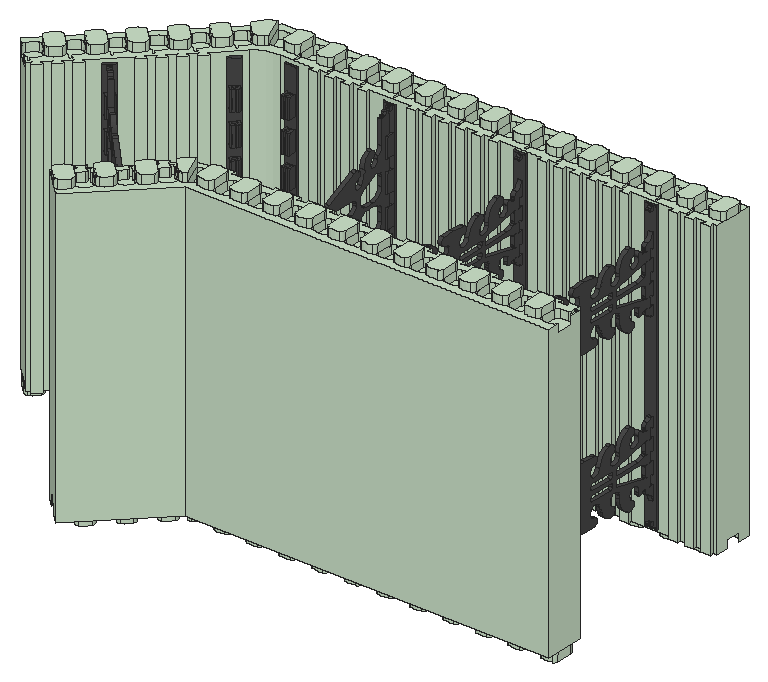
Revit family (continued)
Definition of nested family "10-inch Web"
  Forms (in)
    Extrusion 1, solid, material "Polypropylene"
      sketch origin (0, 0, -0.5) x (0, 1, 0) y (0, 0, 1)
        loop
          line (5.185, 0.73624) -> (5.185, 0.98503)
        loop
          line (-5.185, 0.98503) -> (-5.185, 0.73624)
          arc (-5.185, 0.73624) -> (-5.18086, 0.75145) -> (-5.16957, 0.76246) r 0.03
          line (-5.16957, 0.76246) -> (-5.00043, 0.85643)
          arc (-5.00043, 0.85643) -> (-4.98914, 0.86744) -> (-4.985, 0.88265) r 0.03
          line (-4.985, 0.88265) -> (-4.985, 0.95386)
          arc (-4.985, 0.95386) -> (-4.99126, 0.96839) -> (-5.00611, 0.97383) r 0.02
          line (-5.00611, 0.97383) -> (-5.16389, 0.96506)
          arc (-5.16389, 0.96506) -> (-5.17874, 0.9705) -> (-5.185, 0.98503) r 0.02
        loop
          line (4.959, 15.45384) -> (4.959, 15.95381) -> (4.854, 15.95381) -> (4.854, 16.02384) -> (5.0915, 16.02384)
          arc (5.0915, 16.02384) -> (5.1357, 16.00553) -> (5.154, 15.96134) r 0.0625
          line (5.154, 15.96134) -> (5.154, 16.86095)
          arc (5.154, 16.86095) -> (5.06225, 16.57227) -> (4.82067, 16.38954) r 0.5
          arc (4.82067, 16.38954) -> (4.69988, 16.29818) -> (4.654, 16.15384) r 0.25
          line (4.654, 16.15384) -> (4.654, 16.08634)
          arc (4.654, 16.08634) -> (4.67231, 16.04214) -> (4.7165, 16.02384) r 0.0625
          line (4.7165, 16.02384) -> (4.764, 16.02384) -> (4.764, 15.95381) -> (4.65846, 15.95381)
          arc (4.65846, 15.95381) -> (4.46242, 15.98802) -> (4.30133, 16.10487) r 0.44133
          arc (4.30133, 16.10487) -> (4.13092, 16.12201) -> (4.10336, 15.95298) r 0.125
          arc (4.10336, 15.95298) -> (3.6202, 15.47559) -> (3.56289, 16.15239) r 0.375
          arc (3.56289, 16.15239) -> (3.71165, 16.51474) -> (3.34931, 16.66349) r 0.27697
          arc (3.34931, 16.66349) -> (2.83672, 16.26582) -> (2.64033, 15.6475) r 1.09159
          line (2.64033, 15.6475) -> (2.64084, 15.48251)
          arc (2.64084, 15.48251) -> (2.06728, 15.19279) -> (2.07976, 15.83525) r 0.375
          arc (2.07976, 15.83525) -> (2.22851, 16.1976) -> (1.86617, 16.34635) r 0.27697
          arc (1.86617, 16.34635) -> (1.36679, 16.02099) -> (1.12993, 15.47406) r 1.0341
          arc (1.12993, 15.47406) -> (0.55637, 15.18434) -> (0.56885, 15.8268) r 0.375
          arc (0.56885, 15.8268) -> (0.65723, 15.85457) -> (0.74814, 15.87237) r 0.83414
          arc (0.74814, 15.87237) -> (0.91326, 16.103) -> (0.71383, 16.30469) r 0.22
          arc (0.71383, 16.30469) -> (0.35845, 16.35404) -> (0, 16.36944) r 3.77741
          arc (0, 16.36944) -> (-0.35845, 16.35404) -> (-0.71383, 16.30469) r 3.77741
          arc (-0.71383, 16.30469) -> (-0.91326, 16.103) -> (-0.74814, 15.87237) r 0.22
          arc (-0.74814, 15.87237) -> (-0.65723, 15.85457) -> (-0.56885, 15.8268) r 0.83414
          arc (-0.56885, 15.8268) -> (-0.55637, 15.18434) -> (-1.12993, 15.47406) r 0.375
          arc (-1.12993, 15.47406) -> (-1.36679, 16.02099) -> (-1.86617, 16.34635) r 1.0341
          arc (-1.86617, 16.34635) -> (-2.22851, 16.1976) -> (-2.07976, 15.83525) r 0.27697
          arc (-2.07976, 15.83525) -> (-2.06728, 15.19279) -> (-2.64084, 15.48251) r 0.375
          line (-2.64084, 15.48251) -> (-2.64033, 15.6475)
          arc (-2.64033, 15.6475) -> (-2.83672, 16.26582) -> (-3.34931, 16.66349) r 1.09159
          arc (-3.34931, 16.66349) -> (-3.71165, 16.51474) -> (-3.56289, 16.15239) r 0.27697
          arc (-3.56289, 16.15239) -> (-3.6202, 15.47559) -> (-4.10336, 15.95298) r 0.375
          arc (-4.10336, 15.95298) -> (-4.13092, 16.12201) -> (-4.30133, 16.10487) r 0.125
          arc (-4.30133, 16.10487) -> (-4.46242, 15.98802) -> (-4.65846, 15.95381) r 0.44133
          line (-4.65846, 15.95381) -> (-4.764, 15.95381) -> (-4.764, 16.02384) -> (-4.7165, 16.02384)
          arc (-4.7165, 16.02384) -> (-4.67231, 16.04214) -> (-4.654, 16.08634) r 0.0625
          line (-4.654, 16.08634) -> (-4.654, 16.15384)
          arc (-4.654, 16.15384) -> (-4.69988, 16.29818) -> (-4.82067, 16.38954) r 0.25
          arc (-4.82067, 16.38954) -> (-5.06225, 16.57227) -> (-5.154, 16.86095) r 0.5
          line (-5.154, 16.86095) -> (-5.154, 15.96134)
          arc (-5.154, 15.96134) -> (-5.1357, 16.00553) -> (-5.0915, 16.02384) r 0.0625
          line (-5.0915, 16.02384) -> (-4.854, 16.02384) -> (-4.854, 15.95381) -> (-4.959, 15.95381) -> (-4.959, 15.45384) -> (-4.854, 15.45384) -> (-4.854, 15.38384) -> (-5.1225, 15.38384)
          arc (-5.1225, 15.38384) -> (-5.16669, 15.40214) -> (-5.185, 15.44634) r 0.0625
          line (-5.185, 15.44634) -> (-5.185, 14.66134)
          arc (-5.185, 14.66134) -> (-5.16669, 14.70553) -> (-5.1225, 14.72384) r 0.0625
          line (-5.1225, 14.72384) -> (-4.854, 14.72384) -> (-4.854, 14.65384) -> (-4.959, 14.65384) -> (-4.959, 14.15384) -> (-4.854, 14.15384) -> (-4.854, 14.08384) -> (-5.1225, 14.08384)
          arc (-5.1225, 14.08384) -> (-5.16669, 14.10214) -> (-5.185, 14.14634) r 0.0625
          line (-5.185, 14.14634) -> (-5.185, 13.36134)
          arc (-5.185, 13.36134) -> (-5.16669, 13.40553) -> (-5.1225, 13.42384) r 0.0625
          line (-5.1225, 13.42384) -> (-4.854, 13.42384) -> (-4.854, 13.35384) -> (-4.959, 13.35384) -> (-4.959, 12.85387) -> (-4.854, 12.85387) -> (-4.854, 12.78384) -> (-5.1225, 12.78384)
          arc (-5.1225, 12.78384) -> (-5.16669, 12.80214) -> (-5.185, 12.84634) r 0.0625
          line (-5.185, 12.84634) -> (-5.185, 12.24673) -> (-5.054, 12.24673)
          arc (-5.054, 12.24673) -> (-4.95001, 12.34969) -> (-4.82067, 12.41814) r 0.5
          arc (-4.82067, 12.41814) -> (-4.69988, 12.5095) -> (-4.654, 12.65384) r 0.25
          line (-4.654, 12.65384) -> (-4.654, 12.72134)
          arc (-4.654, 12.72134) -> (-4.67231, 12.76553) -> (-4.7165, 12.78384) r 0.0625
          line (-4.7165, 12.78384) -> (-4.764, 12.78384) -> (-4.764, 12.85387) -> (-4.65846, 12.85387)
          arc (-4.65846, 12.85387) -> (-4.46242, 12.81966) -> (-4.30133, 12.70281) r 0.44133
          arc (-4.30133, 12.70281) -> (-4.13092, 12.68566) -> (-4.10336, 12.8547) r 0.125
          arc (-4.10336, 12.8547) -> (-3.6202, 13.33209) -> (-3.56289, 12.65529) r 0.375
          arc (-3.56289, 12.65529) -> (-3.71165, 12.29294) -> (-3.34931, 12.14419) r 0.27697
          arc (-3.34931, 12.14419) -> (-2.83672, 12.54186) -> (-2.64033, 13.16018) r 1.09159
          line (-2.64033, 13.16018) -> (-2.64084, 13.32517)
          arc (-2.64084, 13.32517) -> (-2.06728, 13.61488) -> (-2.07976, 12.97243) r 0.375
          arc (-2.07976, 12.97243) -> (-2.22851, 12.61008) -> (-1.86617, 12.46132) r 0.27697
          arc (-1.86617, 12.46132) -> (-1.36679, 12.78669) -> (-1.12993, 13.33362) r 1.0341
          arc (-1.12993, 13.33362) -> (-0.55637, 13.62334) -> (-0.56885, 12.98088) r 0.375
          arc (-0.56885, 12.98088) -> (-0.65723, 12.95311) -> (-0.74814, 12.93531) r 0.83414
          arc (-0.74814, 12.93531) -> (-0.91326, 12.70468) -> (-0.71383, 12.50299) r 0.22
          arc (-0.71383, 12.50299) -> (-0.35845, 12.45364) -> (0, 12.43823) r 3.77741
          arc (0, 12.43823) -> (0.35845, 12.45364) -> (0.71383, 12.50299) r 3.77741
          arc (0.71383, 12.50299) -> (0.91326, 12.70468) -> (0.74814, 12.93531) r 0.22
          arc (0.74814, 12.93531) -> (0.65723, 12.95311) -> (0.56885, 12.98088) r 0.83414
          arc (0.56885, 12.98088) -> (0.55637, 13.62334) -> (1.12993, 13.33362) r 0.375
          arc (1.12993, 13.33362) -> (1.36679, 12.78669) -> (1.86617, 12.46132) r 1.0341
          arc (1.86617, 12.46132) -> (2.22851, 12.61008) -> (2.07976, 12.97243) r 0.27697
          arc (2.07976, 12.97243) -> (2.06728, 13.61488) -> (2.64084, 13.32517) r 0.375
          line (2.64084, 13.32517) -> (2.64033, 13.16018)
          arc (2.64033, 13.16018) -> (2.83672, 12.54186) -> (3.34931, 12.14419) r 1.09159
          arc (3.34931, 12.14419) -> (3.71165, 12.29294) -> (3.56289, 12.65529) r 0.27697
          arc (3.56289, 12.65529) -> (3.6202, 13.33209) -> (4.10336, 12.8547) r 0.375
          arc (4.10336, 12.8547) -> (4.13092, 12.68566) -> (4.30133, 12.70281) r 0.125
          arc (4.30133, 12.70281) -> (4.46242, 12.81966) -> (4.65846, 12.85387) r 0.44133
          line (4.65846, 12.85387) -> (4.764, 12.85387) -> (4.764, 12.78384) -> (4.7165, 12.78384)
          arc (4.7165, 12.78384) -> (4.67231, 12.76553) -> (4.654, 12.72134) r 0.0625
          line (4.654, 12.72134) -> (4.654, 12.65384)
          arc (4.654, 12.65384) -> (4.69988, 12.5095) -> (4.82067, 12.41814) r 0.25
          arc (4.82067, 12.41814) -> (4.95001, 12.34969) -> (5.054, 12.24673) r 0.5
          line (5.054, 12.24673) -> (5.185, 12.24673) -> (5.185, 12.84634)
          arc (5.185, 12.84634) -> (5.16669, 12.80214) -> (5.1225, 12.78384) r 0.0625
          line (5.1225, 12.78384) -> (4.854, 12.78384) -> (4.854, 12.85387) -> (4.959, 12.85387) -> (4.959, 13.35384) -> (4.854, 13.35384) -> (4.854, 13.42384) -> (5.1225, 13.42384)
          arc (5.1225, 13.42384) -> (5.16669, 13.40553) -> (5.185, 13.36134) r 0.0625
          line (5.185, 13.36134) -> (5.185, 14.14634)
          arc (5.185, 14.14634) -> (5.16669, 14.10214) -> (5.1225, 14.08384) r 0.0625
          line (5.1225, 14.08384) -> (4.854, 14.08384) -> (4.854, 14.15384) -> (4.959, 14.15384) -> (4.959, 14.65384) -> (4.854, 14.65384) -> (4.854, 14.72384) -> (5.1225, 14.72384)
          arc (5.1225, 14.72384) -> (5.16669, 14.70553) -> (5.185, 14.66134) r 0.0625
          line (5.185, 14.66134) -> (5.185, 15.44634)
          arc (5.185, 15.44634) -> (5.16669, 15.40214) -> (5.1225, 15.38384) r 0.0625
          line (5.1225, 15.38384) -> (4.854, 15.38384) -> (4.854, 15.45384) -> (4.959, 15.45384)
        loop
          line (4.659, 14.65384) -> (4.764, 14.65384) -> (4.764, 14.72384) -> (4.7165, 14.72384)
          arc (4.7165, 14.72384) -> (4.67231, 14.74214) -> (4.654, 14.78634) r 0.0625
          line (4.654, 14.78634) -> (4.654, 15.32134)
          arc (4.654, 15.32134) -> (4.67231, 15.36553) -> (4.7165, 15.38384) r 0.0625
          line (4.7165, 15.38384) -> (4.764, 15.38384) -> (4.764, 15.45384) -> (4.659, 15.45384) -> (2.44144, 14.95721)
          arc (2.44144, 14.95721) -> (2.37119, 14.91337) -> (2.34376, 14.83523) r 0.125
          line (2.34376, 14.83523) -> (2.34376, 14.62294)
          arc (2.34376, 14.62294) -> (2.38037, 14.53455) -> (2.46876, 14.49794) r 0.125
          line (2.46876, 14.49794) -> (4.10628, 14.49794)
          arc (4.10628, 14.49794) -> (4.33726, 14.5391) -> (4.5554, 14.62551) r 1.17022
          arc (4.5554, 14.62551) -> (4.60543, 14.64613) -> (4.659, 14.65384) r 0.21872
        loop
          line (4.659, 13.35384) -> (4.764, 13.35384) -> (4.764, 13.42384) -> (4.7165, 13.42384)
          arc (4.7165, 13.42384) -> (4.67231, 13.44214) -> (4.654, 13.48634) r 0.0625
          line (4.654, 13.48634) -> (4.654, 14.02134)
          arc (4.654, 14.02134) -> (4.67231, 14.06553) -> (4.7165, 14.08384) r 0.0625
          line (4.7165, 14.08384) -> (4.764, 14.08384) -> (4.764, 14.15384) -> (4.659, 14.15384)
          arc (4.659, 14.15384) -> (4.60543, 14.16155) -> (4.5554, 14.18217) r 0.21872
          arc (4.5554, 14.18217) -> (4.33726, 14.26858) -> (4.10628, 14.30974) r 1.17022
          line (4.10628, 14.30974) -> (2.46876, 14.30974)
          arc (2.46876, 14.30974) -> (2.38037, 14.27312) -> (2.34376, 14.18474) r 0.125
          line (2.34376, 14.18474) -> (2.34376, 13.97245)
          arc (2.34376, 13.97245) -> (2.37119, 13.89431) -> (2.44144, 13.85047) r 0.125
          line (2.44144, 13.85047) -> (4.659, 13.35384)
        loop
          line (5.185, 18.01497) -> (5.185, 18.26376)
          arc (5.185, 18.26376) -> (5.18086, 18.24855) -> (5.16957, 18.23754) r 0.03
          line (5.16957, 18.23754) -> (5.00043, 18.14357)
          arc (5.00043, 18.14357) -> (4.98914, 18.13256) -> (4.985, 18.11735) r 0.03
          line (4.985, 18.11735) -> (4.985, 18.04614)
          arc (4.985, 18.04614) -> (4.99126, 18.03161) -> (5.00611, 18.02617) r 0.02
          line (5.00611, 18.02617) -> (5.16389, 18.03494)
          arc (5.16389, 18.03494) -> (5.17874, 18.0295) -> (5.185, 18.01497) r 0.02
        loop
          arc (-5.185, 18.01497) -> (-5.17874, 18.0295) -> (-5.16389, 18.03494) r 0.02
          line (-5.16389, 18.03494) -> (-5.00611, 18.02617)
          arc (-5.00611, 18.02617) -> (-4.99126, 18.03161) -> (-4.985, 18.04614) r 0.02
          line (-4.985, 18.04614) -> (-4.985, 18.11735)
          arc (-4.985, 18.11735) -> (-4.98914, 18.13256) -> (-5.00043, 18.14357) r 0.03
          line (-5.00043, 18.14357) -> (-5.16957, 18.23754)
          arc (-5.16957, 18.23754) -> (-5.18086, 18.24855) -> (-5.185, 18.26376) r 0.03
          line (-5.185, 18.26376) -> (-5.185, 18.01497)
        loop
          line (2.03126, 14.93281) -> (0.59176, 14.93281)
          arc (0.59176, 14.93281) -> (0.37476, 14.71581) -> (0.59176, 14.49881) r 0.217
          line (0.59176, 14.49881) -> (2.03126, 14.49881)
          arc (2.03126, 14.49881) -> (2.11964, 14.53542) -> (2.15626, 14.62381) r 0.125
          line (2.15626, 14.62381) -> (2.15626, 14.80781)
          arc (2.15626, 14.80781) -> (2.11964, 14.8962) -> (2.03126, 14.93281) r 0.125
        loop
          line (0.59176, 13.87487) -> (2.03126, 13.87487)
          arc (2.03126, 13.87487) -> (2.11964, 13.91148) -> (2.15626, 13.99987) r 0.125
          line (2.15626, 13.99987) -> (2.15626, 14.18387)
          arc (2.15626, 14.18387) -> (2.11964, 14.27226) -> (2.03126, 14.30887) r 0.125
          line (2.03126, 14.30887) -> (0.59176, 14.30887)
          arc (0.59176, 14.30887) -> (0.37476, 14.09187) -> (0.59176, 13.87487) r 0.217
        loop
          arc (-4.659, 14.65384) -> (-4.60543, 14.64613) -> (-4.5554, 14.62551) r 0.21872
          arc (-4.5554, 14.62551) -> (-4.33726, 14.5391) -> (-4.10628, 14.49794) r 1.17022
          line (-4.10628, 14.49794) -> (-2.46876, 14.49794)
          arc (-2.46876, 14.49794) -> (-2.38037, 14.53455) -> (-2.34376, 14.62294) r 0.125
          line (-2.34376, 14.62294) -> (-2.34376, 14.83523)
          arc (-2.34376, 14.83523) -> (-2.37119, 14.91337) -> (-2.44144, 14.95721) r 0.125
          line (-2.44144, 14.95721) -> (-4.659, 15.45384) -> (-4.764, 15.45384) -> (-4.764, 15.38384) -> (-4.7165, 15.38384)
          arc (-4.7165, 15.38384) -> (-4.67231, 15.36553) -> (-4.654, 15.32134) r 0.0625
          line (-4.654, 15.32134) -> (-4.654, 14.78634)
          arc (-4.654, 14.78634) -> (-4.67231, 14.74214) -> (-4.7165, 14.72384) r 0.0625
          line (-4.7165, 14.72384) -> (-4.764, 14.72384) -> (-4.764, 14.65384) -> (-4.659, 14.65384)
        loop
          line (-4.659, 13.35384) -> (-2.44144, 13.85047)
          arc (-2.44144, 13.85047) -> (-2.37119, 13.89431) -> (-2.34376, 13.97245) r 0.125
          line (-2.34376, 13.97245) -> (-2.34376, 14.18474)
          arc (-2.34376, 14.18474) -> (-2.38037, 14.27312) -> (-2.46876, 14.30974) r 0.125
          line (-2.46876, 14.30974) -> (-4.10628, 14.30974)
          arc (-4.10628, 14.30974) -> (-4.33726, 14.26858) -> (-4.5554, 14.18217) r 1.17022
          arc (-4.5554, 14.18217) -> (-4.60543, 14.16155) -> (-4.659, 14.15384) r 0.21872
          line (-4.659, 14.15384) -> (-4.764, 14.15384) -> (-4.764, 14.08384) -> (-4.7165, 14.08384)
          arc (-4.7165, 14.08384) -> (-4.67231, 14.06553) -> (-4.654, 14.02134) r 0.0625
          line (-4.654, 14.02134) -> (-4.654, 13.48634)
          arc (-4.654, 13.48634) -> (-4.67231, 13.44214) -> (-4.7165, 13.42384) r 0.0625
          line (-4.7165, 13.42384) -> (-4.764, 13.42384) -> (-4.764, 13.35384) -> (-4.659, 13.35384)
        loop
          arc (-2.03126, 14.93281) -> (-2.11964, 14.8962) -> (-2.15626, 14.80781) r 0.125
          line (-2.15626, 14.80781) -> (-2.15626, 14.62381)
          arc (-2.15626, 14.62381) -> (-2.11964, 14.53542) -> (-2.03126, 14.49881) r 0.125
          line (-2.03126, 14.49881) -> (-0.59176, 14.49881)
          arc (-0.59176, 14.49881) -> (-0.37476, 14.71581) -> (-0.59176, 14.93281) r 0.217
          line (-0.59176, 14.93281) -> (-2.03126, 14.93281)
        loop
          arc (-0.59176, 13.87487) -> (-0.37476, 14.09187) -> (-0.59176, 14.30887) r 0.217
          line (-0.59176, 14.30887) -> (-2.03126, 14.30887)
          arc (-2.03126, 14.30887) -> (-2.11964, 14.27226) -> (-2.15626, 14.18387) r 0.125
          line (-2.15626, 14.18387) -> (-2.15626, 13.99987)
          arc (-2.15626, 13.99987) -> (-2.11964, 13.91148) -> (-2.03126, 13.87487) r 0.125
          line (-2.03126, 13.87487) -> (-0.59176, 13.87487)
        loop
          line (4.959, 3.54616) -> (4.854, 3.54616) -> (4.854, 3.61616) -> (5.1225, 3.61616)
          arc (5.1225, 3.61616) -> (5.16669, 3.59786) -> (5.185, 3.55366) r 0.0625
          line (5.185, 3.55366) -> (5.185, 4.33866)
          arc (5.185, 4.33866) -> (5.16669, 4.29447) -> (5.1225, 4.27616) r 0.0625
          line (5.1225, 4.27616) -> (4.854, 4.27616) -> (4.854, 4.34616) -> (4.959, 4.34616) -> (4.959, 4.84616) -> (4.854, 4.84616) -> (4.854, 4.91616) -> (5.1225, 4.91616)
          arc (5.1225, 4.91616) -> (5.16669, 4.89786) -> (5.185, 4.85366) r 0.0625
          line (5.185, 4.85366) -> (5.185, 5.63866)
          arc (5.185, 5.63866) -> (5.16669, 5.59447) -> (5.1225, 5.57616) r 0.0625
          line (5.1225, 5.57616) -> (4.854, 5.57616) -> (4.854, 5.64616) -> (4.959, 5.64616) -> (4.959, 6.14613) -> (4.854, 6.14613) -> (4.854, 6.21616) -> (5.1225, 6.21616)
          arc (5.1225, 6.21616) -> (5.16669, 6.19786) -> (5.185, 6.15366) r 0.0625
          line (5.185, 6.15366) -> (5.185, 6.75327) -> (5.054, 6.75327)
          arc (5.054, 6.75327) -> (4.95001, 6.65031) -> (4.82067, 6.58186) r 0.5
          arc (4.82067, 6.58186) -> (4.69988, 6.4905) -> (4.654, 6.34616) r 0.25
          line (4.654, 6.34616) -> (4.654, 6.27866)
          arc (4.654, 6.27866) -> (4.67231, 6.23447) -> (4.7165, 6.21616) r 0.0625
          line (4.7165, 6.21616) -> (4.764, 6.21616) -> (4.764, 6.14613) -> (4.65846, 6.14613)
          arc (4.65846, 6.14613) -> (4.46242, 6.18034) -> (4.30133, 6.29719) r 0.44133
          arc (4.30133, 6.29719) -> (4.13092, 6.31434) -> (4.10336, 6.1453) r 0.125
          arc (4.10336, 6.1453) -> (3.6202, 5.66791) -> (3.56289, 6.34471) r 0.375
          arc (3.56289, 6.34471) -> (3.71165, 6.70706) -> (3.34931, 6.85581) r 0.27697
          arc (3.34931, 6.85581) -> (2.83672, 6.45814) -> (2.64033, 5.83982) r 1.09159
          line (2.64033, 5.83982) -> (2.64084, 5.67483)
          arc (2.64084, 5.67483) -> (2.06728, 5.38512) -> (2.07976, 6.02757) r 0.375
          arc (2.07976, 6.02757) -> (2.22851, 6.38992) -> (1.86617, 6.53868) r 0.27697
          arc (1.86617, 6.53868) -> (1.36679, 6.21331) -> (1.12993, 5.66638) r 1.0341
          arc (1.12993, 5.66638) -> (0.55637, 5.37666) -> (0.56885, 6.01912) r 0.375
          arc (0.56885, 6.01912) -> (0.65723, 6.04689) -> (0.74814, 6.06469) r 0.83414
          arc (0.74814, 6.06469) -> (0.91326, 6.29532) -> (0.71383, 6.49701) r 0.22
          arc (0.71383, 6.49701) -> (0.35845, 6.54636) -> (0, 6.56177) r 3.77741
          arc (0, 6.56177) -> (-0.35845, 6.54636) -> (-0.71383, 6.49701) r 3.77741
          arc (-0.71383, 6.49701) -> (-0.91326, 6.29532) -> (-0.74814, 6.06469) r 0.22
          arc (-0.74814, 6.06469) -> (-0.65723, 6.04689) -> (-0.56885, 6.01912) r 0.83414
          arc (-0.56885, 6.01912) -> (-0.55637, 5.37666) -> (-1.12993, 5.66638) r 0.375
          arc (-1.12993, 5.66638) -> (-1.36679, 6.21331) -> (-1.86617, 6.53868) r 1.0341
          arc (-1.86617, 6.53868) -> (-2.22851, 6.38992) -> (-2.07976, 6.02757) r 0.27697
          arc (-2.07976, 6.02757) -> (-2.06728, 5.38512) -> (-2.64084, 5.67483) r 0.375
          line (-2.64084, 5.67483) -> (-2.64033, 5.83982)
          arc (-2.64033, 5.83982) -> (-2.83672, 6.45814) -> (-3.34931, 6.85581) r 1.09159
          arc (-3.34931, 6.85581) -> (-3.71165, 6.70706) -> (-3.56289, 6.34471) r 0.27697
          arc (-3.56289, 6.34471) -> (-3.6202, 5.66791) -> (-4.10336, 6.1453) r 0.375
          arc (-4.10336, 6.1453) -> (-4.13092, 6.31434) -> (-4.30133, 6.29719) r 0.125
          arc (-4.30133, 6.29719) -> (-4.46242, 6.18034) -> (-4.65846, 6.14613) r 0.44133
          line (-4.65846, 6.14613) -> (-4.764, 6.14613) -> (-4.764, 6.21616) -> (-4.7165, 6.21616)
          arc (-4.7165, 6.21616) -> (-4.67231, 6.23447) -> (-4.654, 6.27866) r 0.0625
          line (-4.654, 6.27866) -> (-4.654, 6.34616)
          arc (-4.654, 6.34616) -> (-4.69988, 6.4905) -> (-4.82067, 6.58186) r 0.25
          arc (-4.82067, 6.58186) -> (-4.95001, 6.65031) -> (-5.054, 6.75327) r 0.5
          line (-5.054, 6.75327) -> (-5.185, 6.75327) -> (-5.185, 6.15366)
          arc (-5.185, 6.15366) -> (-5.16669, 6.19786) -> (-5.1225, 6.21616) r 0.0625
          line (-5.1225, 6.21616) -> (-4.854, 6.21616) -> (-4.854, 6.14613) -> (-4.959, 6.14613) -> (-4.959, 5.64616) -> (-4.854, 5.64616) -> (-4.854, 5.57616) -> (-5.1225, 5.57616)
          arc (-5.1225, 5.57616) -> (-5.16669, 5.59447) -> (-5.185, 5.63866) r 0.0625
          line (-5.185, 5.63866) -> (-5.185, 4.85366)
          arc (-5.185, 4.85366) -> (-5.16669, 4.89786) -> (-5.1225, 4.91616) r 0.0625
          line (-5.1225, 4.91616) -> (-4.854, 4.91616) -> (-4.854, 4.84616) -> (-4.959, 4.84616) -> (-4.959, 4.34616) -> (-4.854, 4.34616) -> (-4.854, 4.27616) -> (-5.1225, 4.27616)
          arc (-5.1225, 4.27616) -> (-5.16669, 4.29447) -> (-5.185, 4.33866) r 0.0625
          line (-5.185, 4.33866) -> (-5.185, 3.55366)
          arc (-5.185, 3.55366) -> (-5.16669, 3.59786) -> (-5.1225, 3.61616) r 0.0625
          line (-5.1225, 3.61616) -> (-4.854, 3.61616) -> (-4.854, 3.54616) -> (-4.959, 3.54616) -> (-4.959, 3.04619) -> (-4.854, 3.04619) -> (-4.854, 2.97616) -> (-5.0915, 2.97616)
          arc (-5.0915, 2.97616) -> (-5.1357, 2.99447) -> (-5.154, 3.03866) r 0.0625
          line (-5.154, 3.03866) -> (-5.154, 2.13905)
          arc (-5.154, 2.13905) -> (-5.06225, 2.42773) -> (-4.82067, 2.61046) r 0.5
          arc (-4.82067, 2.61046) -> (-4.69988, 2.70182) -> (-4.654, 2.84616) r 0.25
          line (-4.654, 2.84616) -> (-4.654, 2.91366)
          arc (-4.654, 2.91366) -> (-4.67231, 2.95786) -> (-4.7165, 2.97616) r 0.0625
          line (-4.7165, 2.97616) -> (-4.764, 2.97616) -> (-4.764, 3.04619) -> (-4.65846, 3.04619)
          arc (-4.65846, 3.04619) -> (-4.46242, 3.01198) -> (-4.30133, 2.89513) r 0.44133
          arc (-4.30133, 2.89513) -> (-4.13092, 2.87799) -> (-4.10336, 3.04702) r 0.125
          arc (-4.10336, 3.04702) -> (-3.6202, 3.52441) -> (-3.56289, 2.84761) r 0.375
          arc (-3.56289, 2.84761) -> (-3.71165, 2.48526) -> (-3.34931, 2.33651) r 0.27697
          arc (-3.34931, 2.33651) -> (-2.83672, 2.73418) -> (-2.64033, 3.3525) r 1.09159
          line (-2.64033, 3.3525) -> (-2.64084, 3.51749)
          arc (-2.64084, 3.51749) -> (-2.06728, 3.80721) -> (-2.07976, 3.16475) r 0.375
          arc (-2.07976, 3.16475) -> (-2.22851, 2.8024) -> (-1.86617, 2.65365) r 0.27697
          arc (-1.86617, 2.65365) -> (-1.36679, 2.97901) -> (-1.12993, 3.52594) r 1.0341
          arc (-1.12993, 3.52594) -> (-0.55637, 3.81566) -> (-0.56885, 3.1732) r 0.375
          arc (-0.56885, 3.1732) -> (-0.65723, 3.14543) -> (-0.74814, 3.12763) r 0.83414
          arc (-0.74814, 3.12763) -> (-0.91326, 2.897) -> (-0.71383, 2.69531) r 0.22
          arc (-0.71383, 2.69531) -> (-0.35845, 2.64596) -> (0, 2.63056) r 3.77741
          arc (0, 2.63056) -> (0.35845, 2.64596) -> (0.71383, 2.69531) r 3.77741
          arc (0.71383, 2.69531) -> (0.91326, 2.897) -> (0.74814, 3.12763) r 0.22
          arc (0.74814, 3.12763) -> (0.65723, 3.14543) -> (0.56885, 3.1732) r 0.83414
          arc (0.56885, 3.1732) -> (0.55637, 3.81566) -> (1.12993, 3.52594) r 0.375
          arc (1.12993, 3.52594) -> (1.36679, 2.97901) -> (1.86617, 2.65365) r 1.0341
          arc (1.86617, 2.65365) -> (2.22851, 2.8024) -> (2.07976, 3.16475) r 0.27697
          arc (2.07976, 3.16475) -> (2.06728, 3.80721) -> (2.64084, 3.51749) r 0.375
          line (2.64084, 3.51749) -> (2.64033, 3.3525)
          arc (2.64033, 3.3525) -> (2.83672, 2.73418) -> (3.34931, 2.33651) r 1.09159
          arc (3.34931, 2.33651) -> (3.71165, 2.48526) -> (3.56289, 2.84761) r 0.27697
          arc (3.56289, 2.84761) -> (3.6202, 3.52441) -> (4.10336, 3.04702) r 0.375
          arc (4.10336, 3.04702) -> (4.13092, 2.87799) -> (4.30133, 2.89513) r 0.125
          arc (4.30133, 2.89513) -> (4.46242, 3.01198) -> (4.65846, 3.04619) r 0.44133
          line (4.65846, 3.04619) -> (4.764, 3.04619) -> (4.764, 2.97616) -> (4.7165, 2.97616)
          arc (4.7165, 2.97616) -> (4.67231, 2.95786) -> (4.654, 2.91366) r 0.0625
          line (4.654, 2.91366) -> (4.654, 2.84616)
          arc (4.654, 2.84616) -> (4.69988, 2.70182) -> (4.82067, 2.61046) r 0.25
          arc (4.82067, 2.61046) -> (5.06225, 2.42773) -> (5.154, 2.13905) r 0.5
          line (5.154, 2.13905) -> (5.154, 3.03866)
          arc (5.154, 3.03866) -> (5.1357, 2.99447) -> (5.0915, 2.97616) r 0.0625
          line (5.0915, 2.97616) -> (4.854, 2.97616) -> (4.854, 3.04619) -> (4.959, 3.04619) -> (4.959, 3.54616)
        loop
          arc (4.659, 4.34616) -> (4.60543, 4.35387) -> (4.5554, 4.37449) r 0.21872
          arc (4.5554, 4.37449) -> (4.33726, 4.4609) -> (4.10628, 4.50206) r 1.17022
          line (4.10628, 4.50206) -> (2.46876, 4.50206)
          arc (2.46876, 4.50206) -> (2.38037, 4.46545) -> (2.34376, 4.37706) r 0.125
          line (2.34376, 4.37706) -> (2.34376, 4.16477)
          arc (2.34376, 4.16477) -> (2.37119, 4.08663) -> (2.44144, 4.04279) r 0.125
          line (2.44144, 4.04279) -> (4.659, 3.54616) -> (4.764, 3.54616) -> (4.764, 3.61616) -> (4.7165, 3.61616)
          arc (4.7165, 3.61616) -> (4.67231, 3.63447) -> (4.654, 3.67866) r 0.0625
          line (4.654, 3.67866) -> (4.654, 4.21366)
          arc (4.654, 4.21366) -> (4.67231, 4.25786) -> (4.7165, 4.27616) r 0.0625
          line (4.7165, 4.27616) -> (4.764, 4.27616) -> (4.764, 4.34616) -> (4.659, 4.34616)
        loop
          line (4.659, 5.64616) -> (2.44144, 5.14953)
          arc (2.44144, 5.14953) -> (2.37119, 5.10569) -> (2.34376, 5.02755) r 0.125
          line (2.34376, 5.02755) -> (2.34376, 4.81526)
          arc (2.34376, 4.81526) -> (2.38037, 4.72688) -> (2.46876, 4.69026) r 0.125
          line (2.46876, 4.69026) -> (4.10628, 4.69026)
          arc (4.10628, 4.69026) -> (4.33726, 4.73142) -> (4.5554, 4.81783) r 1.17022
          arc (4.5554, 4.81783) -> (4.60543, 4.83845) -> (4.659, 4.84616) r 0.21872
          line (4.659, 4.84616) -> (4.764, 4.84616) -> (4.764, 4.91616) -> (4.7165, 4.91616)
          arc (4.7165, 4.91616) -> (4.67231, 4.93447) -> (4.654, 4.97866) r 0.0625
          line (4.654, 4.97866) -> (4.654, 5.51366)
          arc (4.654, 5.51366) -> (4.67231, 5.55786) -> (4.7165, 5.57616) r 0.0625
          line (4.7165, 5.57616) -> (4.764, 5.57616) -> (4.764, 5.64616) -> (4.659, 5.64616)
        loop
          arc (2.03126, 4.06719) -> (2.11964, 4.1038) -> (2.15626, 4.19219) r 0.125
          line (2.15626, 4.19219) -> (2.15626, 4.37619)
          arc (2.15626, 4.37619) -> (2.11964, 4.46458) -> (2.03126, 4.50119) r 0.125
          line (2.03126, 4.50119) -> (0.59176, 4.50119)
          arc (0.59176, 4.50119) -> (0.37476, 4.28419) -> (0.59176, 4.06719) r 0.217
          line (0.59176, 4.06719) -> (2.03126, 4.06719)
        loop
          arc (0.59176, 5.12513) -> (0.37476, 4.90813) -> (0.59176, 4.69113) r 0.217
          line (0.59176, 4.69113) -> (2.03126, 4.69113)
          arc (2.03126, 4.69113) -> (2.11964, 4.72774) -> (2.15626, 4.81613) r 0.125
          line (2.15626, 4.81613) -> (2.15626, 5.00013)
          arc (2.15626, 5.00013) -> (2.11964, 5.08852) -> (2.03126, 5.12513) r 0.125
          line (2.03126, 5.12513) -> (0.59176, 5.12513)
        loop
          line (-4.659, 4.34616) -> (-4.764, 4.34616) -> (-4.764, 4.27616) -> (-4.7165, 4.27616)
          arc (-4.7165, 4.27616) -> (-4.67231, 4.25786) -> (-4.654, 4.21366) r 0.0625
          line (-4.654, 4.21366) -> (-4.654, 3.67866)
          arc (-4.654, 3.67866) -> (-4.67231, 3.63447) -> (-4.7165, 3.61616) r 0.0625
          line (-4.7165, 3.61616) -> (-4.764, 3.61616) -> (-4.764, 3.54616) -> (-4.659, 3.54616) -> (-2.44144, 4.04279)
          arc (-2.44144, 4.04279) -> (-2.37119, 4.08663) -> (-2.34376, 4.16477) r 0.125
          line (-2.34376, 4.16477) -> (-2.34376, 4.37706)
          arc (-2.34376, 4.37706) -> (-2.38037, 4.46545) -> (-2.46876, 4.50206) r 0.125
          line (-2.46876, 4.50206) -> (-4.10628, 4.50206)
          arc (-4.10628, 4.50206) -> (-4.33726, 4.4609) -> (-4.5554, 4.37449) r 1.17022
          arc (-4.5554, 4.37449) -> (-4.60543, 4.35387) -> (-4.659, 4.34616) r 0.21872
        loop
          line (-4.659, 5.64616) -> (-4.764, 5.64616) -> (-4.764, 5.57616) -> (-4.7165, 5.57616)
          arc (-4.7165, 5.57616) -> (-4.67231, 5.55786) -> (-4.654, 5.51366) r 0.0625
          line (-4.654, 5.51366) -> (-4.654, 4.97866)
          arc (-4.654, 4.97866) -> (-4.67231, 4.93447) -> (-4.7165, 4.91616) r 0.0625
          line (-4.7165, 4.91616) -> (-4.764, 4.91616) -> (-4.764, 4.84616) -> (-4.659, 4.84616)
          arc (-4.659, 4.84616) -> (-4.60543, 4.83845) -> (-4.5554, 4.81783) r 0.21872
          arc (-4.5554, 4.81783) -> (-4.33726, 4.73142) -> (-4.10628, 4.69026) r 1.17022
          line (-4.10628, 4.69026) -> (-2.46876, 4.69026)
          arc (-2.46876, 4.69026) -> (-2.38037, 4.72688) -> (-2.34376, 4.81526) r 0.125
          line (-2.34376, 4.81526) -> (-2.34376, 5.02755)
          arc (-2.34376, 5.02755) -> (-2.37119, 5.10569) -> (-2.44144, 5.14953) r 0.125
          line (-2.44144, 5.14953) -> (-4.659, 5.64616)
        loop
          line (-2.03126, 4.06719) -> (-0.59176, 4.06719)
          arc (-0.59176, 4.06719) -> (-0.37476, 4.28419) -> (-0.59176, 4.50119) r 0.217
          line (-0.59176, 4.50119) -> (-2.03126, 4.50119)
          arc (-2.03126, 4.50119) -> (-2.11964, 4.46458) -> (-2.15626, 4.37619) r 0.125
          line (-2.15626, 4.37619) -> (-2.15626, 4.19219)
          arc (-2.15626, 4.19219) -> (-2.11964, 4.1038) -> (-2.03126, 4.06719) r 0.125
        loop
          line (-0.59176, 5.12513) -> (-2.03126, 5.12513)
          arc (-2.03126, 5.12513) -> (-2.11964, 5.08852) -> (-2.15626, 5.00013) r 0.125
          line (-2.15626, 5.00013) -> (-2.15626, 4.81613)
          arc (-2.15626, 4.81613) -> (-2.11964, 4.72774) -> (-2.03126, 4.69113) r 0.125
          line (-2.03126, 4.69113) -> (-0.59176, 4.69113)
          arc (-0.59176, 4.69113) -> (-0.37476, 4.90813) -> (-0.59176, 5.12513) r 0.217
      from -0.125 to 0.125
    Extrusion 2, solid, material "Polypropylene"
      sketch origin (0, 0, 0) x (0, 1, 0) y (0, 0, 1)
        loop
          line (5.185, 17.8125) -> (5.185, 0.1875)
          arc (5.185, 0.1875) -> (5.2042, 0.14243) -> (5.25, 0.12505) r 0.0625
          arc (5.25, 0.12505) -> (5.2958, 0.14243) -> (5.315, 0.1875) r 0.0625
          line (5.315, 0.1875) -> (5.315, 17.8125)
          arc (5.315, 17.8125) -> (5.2958, 17.85757) -> (5.25, 17.87495) r 0.0625
          arc (5.25, 17.87495) -> (5.2042, 17.85757) -> (5.185, 17.8125) r 0.0625
        loop
          arc (-5.185, 17.8125) -> (-5.2042, 17.85757) -> (-5.25, 17.87495) r 0.0625
          arc (-5.25, 17.87495) -> (-5.2958, 17.85757) -> (-5.315, 17.8125) r 0.0625
          line (-5.315, 17.8125) -> (-5.315, 0.1875)
          arc (-5.315, 0.1875) -> (-5.2958, 0.14243) -> (-5.25, 0.12505) r 0.0625
          arc (-5.25, 0.12505) -> (-5.2042, 0.14243) -> (-5.185, 0.1875) r 0.0625
          line (-5.185, 0.1875) -> (-5.185, 17.8125)
      from -0.36328 to 0.36328
Definition of nested family "10-inch Insert Web"
  Reference planes (in)
    plane 1 "Center (Front/Back)": y = 0
    plane 2: z = 0
    plane 3 "Center (Left/Right)": x = 0
  Forms (in)
    Extrusion 1, solid, material "High Density Polystyrene"
      sketch origin (0, 0, 0) x (0, 1, 0) y (0, 0, 1)
        loop
          line (5.25, 0) -> (5.25, 17.74583)
          arc (5.25, 17.74583) -> (5.22112, 17.72608) -> (5.21, 17.69292) r 0.055
          line (5.21, 17.69292) -> (5.21, 0.05292)
          arc (5.21, 0.05292) -> (5.22112, 0.01975) -> (5.25, 0) r 0.055
        loop
          arc (-5.25, 0) -> (-5.22112, 0.01975) -> (-5.21, 0.05292) r 0.055
          line (-5.21, 0.05292) -> (-5.21, 17.69292)
          arc (-5.21, 17.69292) -> (-5.22112, 17.72608) -> (-5.25, 17.74583) r 0.055
          line (-5.25, 17.74583) -> (-5.25, 0)
      from 0.36328 to -0.36328
    Extrusion 2, solid, material "High Density Polystyrene"
      sketch origin (0, 0, 0) x (0, 1, 0) y (0, 0, 1)
        loop
          arc (5.18889, 17.40785) -> (5.20374, 17.40241) -> (5.21, 17.38789) r 0.02
          line (5.21, 17.38789) -> (5.21, 17.63668)
          arc (5.21, 17.63668) -> (5.20585, 17.62147) -> (5.19457, 17.61045) r 0.03
          line (5.19457, 17.61045) -> (5.12543, 17.57204)
          arc (5.12543, 17.57204) -> (5.11414, 17.56103) -> (5.11, 17.54582) r 0.03
          line (5.11, 17.54582) -> (5.11, 17.42461)
          arc (5.11, 17.42461) -> (5.11625, 17.41008) -> (5.13111, 17.40464) r 0.02
          line (5.13111, 17.40464) -> (5.18889, 17.40785)
        loop
          line (-5.12543, 17.57204) -> (-5.19457, 17.61045)
          arc (-5.19457, 17.61045) -> (-5.20585, 17.62147) -> (-5.21, 17.63668) r 0.03
          line (-5.21, 17.63668) -> (-5.21, 17.38789)
          arc (-5.21, 17.38789) -> (-5.20374, 17.40241) -> (-5.18889, 17.40785) r 0.02
          line (-5.18889, 17.40785) -> (-5.13111, 17.40464)
          arc (-5.13111, 17.40464) -> (-5.11625, 17.41008) -> (-5.11, 17.42461) r 0.02
          line (-5.11, 17.42461) -> (-5.11, 17.54582)
          arc (-5.11, 17.54582) -> (-5.11414, 17.56103) -> (-5.12543, 17.57204) r 0.03
        loop
          line (5.18889, 0.33798) -> (5.13111, 0.34119)
          arc (5.13111, 0.34119) -> (5.11625, 0.33575) -> (5.11, 0.32122) r 0.02
          line (5.11, 0.32122) -> (5.11, 0.20001)
          arc (5.11, 0.20001) -> (5.11414, 0.1848) -> (5.12543, 0.17379) r 0.03
          line (5.12543, 0.17379) -> (5.19457, 0.13538)
          arc (5.19457, 0.13538) -> (5.20585, 0.12437) -> (5.21, 0.10915) r 0.03
          line (5.21, 0.10915) -> (5.21, 0.35795)
          arc (5.21, 0.35795) -> (5.20374, 0.34342) -> (5.18889, 0.33798) r 0.02
        loop
          arc (-5.12543, 0.17379) -> (-5.11414, 0.1848) -> (-5.11, 0.20001) r 0.03
          line (-5.11, 0.20001) -> (-5.11, 0.32122)
          arc (-5.11, 0.32122) -> (-5.11625, 0.33575) -> (-5.13111, 0.34119) r 0.02
          line (-5.13111, 0.34119) -> (-5.18889, 0.33798)
          arc (-5.18889, 0.33798) -> (-5.20374, 0.34342) -> (-5.21, 0.35795) r 0.02
          line (-5.21, 0.35795) -> (-5.21, 0.10915)
          arc (-5.21, 0.10915) -> (-5.20585, 0.12437) -> (-5.19457, 0.13538) r 0.03
          line (-5.19457, 0.13538) -> (-5.12543, 0.17379)
        loop
          line (5, 17.20772) -> (4.925, 17.43772)
          arc (4.925, 17.43772) -> (4.875, 17.46772) -> (4.825, 17.43772) r 0.05667
          line (4.825, 17.43772) -> (4.77609, 17.28772) -> (4.64893, 17.28772)
          arc (4.64893, 17.28772) -> (4.61433, 17.27339) -> (4.6, 17.2388) r 0.04893
          line (4.6, 17.2388) -> (4.6, 17.20772) -> (4.5, 17.20772) -> (4.5, 15.75595)
          arc (4.5, 15.75595) -> (4.43087, 15.489) -> (4.24086, 15.28915) r 0.55
          arc (4.24086, 15.28915) -> (4.19232, 15.23289) -> (4.1843, 15.15901) r 0.125
          arc (4.1843, 15.15901) -> (3.73923, 14.83241) -> (3.77171, 15.3835) r 0.305
          arc (3.77171, 15.3835) -> (3.89426, 15.66948) -> (3.60829, 15.79202) r 0.22
          arc (3.60829, 15.79202) -> (3.25428, 15.49683) -> (3.14171, 15.04986) r 0.745
          arc (3.14171, 15.04986) -> (3.09808, 14.63491) -> (2.96932, 14.23805) r 2
          arc (2.96932, 14.23805) -> (2.47025, 14.23431) -> (2.63581, 14.70513) r 0.305
          arc (2.63581, 14.70513) -> (2.78874, 15.03658) -> (2.43743, 15.1357) r 0.24
          line (2.43743, 15.1357) -> (0.5, 14.2255)
          arc (0.5, 14.2255) -> (0.25681, 14.13776) -> (0, 14.10798) r 1.12236
          arc (0, 14.10798) -> (-0.25681, 14.13776) -> (-0.5, 14.2255) r 1.12236
          line (-0.5, 14.2255) -> (-2.43743, 15.1357)
          arc (-2.43743, 15.1357) -> (-2.78874, 15.03658) -> (-2.63581, 14.70513) r 0.24
          arc (-2.63581, 14.70513) -> (-2.47025, 14.23431) -> (-2.96932, 14.23805) r 0.305
          arc (-2.96932, 14.23805) -> (-3.09808, 14.63491) -> (-3.14171, 15.04986) r 2
          arc (-3.14171, 15.04986) -> (-3.25428, 15.49683) -> (-3.60829, 15.79202) r 0.745
          arc (-3.60829, 15.79202) -> (-3.89426, 15.66948) -> (-3.77171, 15.3835) r 0.22
          arc (-3.77171, 15.3835) -> (-3.73923, 14.83241) -> (-4.1843, 15.15901) r 0.305
          arc (-4.1843, 15.15901) -> (-4.19232, 15.23289) -> (-4.24086, 15.28915) r 0.125
          arc (-4.24086, 15.28915) -> (-4.43087, 15.489) -> (-4.5, 15.75595) r 0.55
          line (-4.5, 15.75595) -> (-4.5, 17.20772) -> (-4.6, 17.20772) -> (-4.6, 17.2388)
          arc (-4.6, 17.2388) -> (-4.61433, 17.27339) -> (-4.64893, 17.28772) r 0.04893
          line (-4.64893, 17.28772) -> (-4.77609, 17.28772) -> (-4.825, 17.43772)
          arc (-4.825, 17.43772) -> (-4.875, 17.46772) -> (-4.925, 17.43772) r 0.05667
          line (-4.925, 17.43772) -> (-5, 17.20772) -> (-5, 0.66519) -> (-4.925, 0.43519)
          arc (-4.925, 0.43519) -> (-4.875, 0.40519) -> (-4.825, 0.43519) r 0.05667
          line (-4.825, 0.43519) -> (-4.77609, 0.58519) -> (-4.64893, 0.58519)
          arc (-4.64893, 0.58519) -> (-4.61433, 0.59952) -> (-4.6, 0.63412) r 0.04893
          line (-4.6, 0.63412) -> (-4.6, 0.66519) -> (-4.5, 0.66519) -> (-4.5, 2.24405)
          arc (-4.5, 2.24405) -> (-4.43087, 2.511) -> (-4.24086, 2.71085) r 0.55
          arc (-4.24086, 2.71085) -> (-4.19232, 2.76711) -> (-4.1843, 2.84099) r 0.125
          arc (-4.1843, 2.84099) -> (-3.73923, 3.16759) -> (-3.77171, 2.6165) r 0.305
          arc (-3.77171, 2.6165) -> (-3.89426, 2.33052) -> (-3.60829, 2.20798) r 0.22
          arc (-3.60829, 2.20798) -> (-3.25428, 2.50317) -> (-3.14171, 2.95014) r 0.745
          arc (-3.14171, 2.95014) -> (-3.09808, 3.36509) -> (-2.96932, 3.76195) r 2
          arc (-2.96932, 3.76195) -> (-2.47025, 3.76569) -> (-2.63581, 3.29487) r 0.305
          arc (-2.63581, 3.29487) -> (-2.78874, 2.96342) -> (-2.43743, 2.8643) r 0.24
          line (-2.43743, 2.8643) -> (-0.5, 3.7745)
          arc (-0.5, 3.7745) -> (-0.25681, 3.86224) -> (0, 3.89202) r 1.12236
          arc (0, 3.89202) -> (0.25681, 3.86224) -> (0.5, 3.7745) r 1.12236
          line (0.5, 3.7745) -> (2.43743, 2.8643)
          arc (2.43743, 2.8643) -> (2.78874, 2.96342) -> (2.63581, 3.29487) r 0.24
          arc (2.63581, 3.29487) -> (2.47025, 3.76569) -> (2.96932, 3.76195) r 0.305
          arc (2.96932, 3.76195) -> (3.09808, 3.36509) -> (3.14171, 2.95014) r 2
          arc (3.14171, 2.95014) -> (3.25428, 2.50317) -> (3.60829, 2.20798) r 0.745
          arc (3.60829, 2.20798) -> (3.89426, 2.33052) -> (3.77171, 2.6165) r 0.22
          arc (3.77171, 2.6165) -> (3.73923, 3.16759) -> (4.1843, 2.84099) r 0.305
          arc (4.1843, 2.84099) -> (4.19232, 2.76711) -> (4.24086, 2.71085) r 0.125
          arc (4.24086, 2.71085) -> (4.43087, 2.511) -> (4.5, 2.24405) r 0.55
          line (4.5, 2.24405) -> (4.5, 0.66519) -> (4.6, 0.66519) -> (4.6, 0.63412)
          arc (4.6, 0.63412) -> (4.61433, 0.59952) -> (4.64893, 0.58519) r 0.04893
          line (4.64893, 0.58519) -> (4.77609, 0.58519) -> (4.825, 0.43519)
          arc (4.825, 0.43519) -> (4.875, 0.40519) -> (4.925, 0.43519) r 0.05667
          line (4.925, 0.43519) -> (5, 0.66519) -> (5, 17.20772)
        loop
          line (0, 13.70798) -> (-2.02401, 13.70798)
          arc (-2.02401, 13.70798) -> (-2.16288, 13.71227) -> (-2.30123, 13.72512) r 2.25
          arc (-2.30123, 13.72512) -> (-2.48146, 13.58635) -> (-2.6, 13.39222) r 0.62421
          line (-2.6, 13.39222) -> (-2.6, 13.26627)
          arc (-2.6, 13.26627) -> (-2.45481, 13.03646) -> (-2.225, 12.89127) r 0.61747
          line (-2.225, 12.89127) -> (0, 12.89127) -> (2.225, 12.89127)
          arc (2.225, 12.89127) -> (2.45481, 13.03646) -> (2.6, 13.26627) r 0.61747
          line (2.6, 13.26627) -> (2.6, 13.39222)
          arc (2.6, 13.39222) -> (2.48146, 13.58635) -> (2.30123, 13.72512) r 0.62421
          arc (2.30123, 13.72512) -> (2.16288, 13.71227) -> (2.02401, 13.70798) r 2.25
          line (2.02401, 13.70798) -> (0, 13.70798)
        loop
          line (0, 12.71127) -> (-2.22579, 12.71127)
          arc (-2.22579, 12.71127) -> (-2.4551, 12.56606) -> (-2.6, 12.33655) r 0.61747
          line (-2.6, 12.33655) -> (-2.6, 12.21055)
          arc (-2.6, 12.21055) -> (-2.48148, 12.01645) -> (-2.3013, 11.87769) r 0.62421
          arc (-2.3013, 11.87769) -> (-2.16251, 11.89062) -> (-2.02319, 11.89494) r 2.25
          line (-2.02319, 11.89494) -> (0, 11.89494) -> (2.02319, 11.89494)
          arc (2.02319, 11.89494) -> (2.16251, 11.89062) -> (2.3013, 11.87769) r 2.25
          arc (2.3013, 11.87769) -> (2.48148, 12.01645) -> (2.6, 12.21055) r 0.62421
          line (2.6, 12.21055) -> (2.6, 12.33655)
          arc (2.6, 12.33655) -> (2.4551, 12.56606) -> (2.22579, 12.71127) r 0.61747
          line (2.22579, 12.71127) -> (0, 12.71127)
        loop
          line (3.08806, 11.63079) -> (3.96605, 11.21989)
          arc (3.96605, 11.21989) -> (4.32627, 11.24313) -> (4.5, 11.55954) r 0.375
          line (4.5, 11.55954) -> (4.5, 12.08627)
          arc (4.5, 12.08627) -> (4.31694, 12.52821) -> (3.875, 12.71127) r 0.625
          line (3.875, 12.71127) -> (3.3, 12.71127)
          arc (3.3, 12.71127) -> (2.94645, 12.56482) -> (2.8, 12.21127) r 0.5
          line (2.8, 12.21127) -> (2.8, 12.08365)
          arc (2.8, 12.08365) -> (2.87812, 11.81529) -> (3.08806, 11.63079) r 0.5
        loop
          line (4.5, 13.51627) -> (4.5, 14.04299)
          arc (4.5, 14.04299) -> (4.32627, 14.35941) -> (3.96605, 14.38264) r 0.375
          line (3.96605, 14.38264) -> (3.08806, 13.97174)
          arc (3.08806, 13.97174) -> (2.87812, 13.78724) -> (2.8, 13.51888) r 0.5
          line (2.8, 13.51888) -> (2.8, 13.39127)
          arc (2.8, 13.39127) -> (2.94645, 13.03771) -> (3.3, 12.89127) r 0.5
          line (3.3, 12.89127) -> (3.875, 12.89127)
          arc (3.875, 12.89127) -> (4.31694, 13.07433) -> (4.5, 13.51627) r 0.625
        loop
          line (4.21194, 10.90608) -> (2.95372, 11.49492)
          arc (2.95372, 11.49492) -> (2.48851, 11.65338) -> (2, 11.70705) r 2.25
          line (2, 11.70705) -> (0, 11.70705) -> (-2, 11.70705)
          arc (-2, 11.70705) -> (-2.48851, 11.65338) -> (-2.95372, 11.49492) r 2.25
          line (-2.95372, 11.49492) -> (-4.21194, 10.90608)
          arc (-4.21194, 10.90608) -> (-4.42188, 10.72158) -> (-4.5, 10.45322) r 0.5
          line (-4.5, 10.45322) -> (-4.5, 9.31235) -> (-4.38, 9.11235) -> (-4.38, 9) -> (-4.38, 8.88765) -> (-4.5, 8.68765) -> (-4.5, 7.54678)
          arc (-4.5, 7.54678) -> (-4.42188, 7.27842) -> (-4.21194, 7.09392) r 0.5
          line (-4.21194, 7.09392) -> (-2.95372, 6.50508)
          arc (-2.95372, 6.50508) -> (-2.48851, 6.34662) -> (-2, 6.29295) r 2.25
          line (-2, 6.29295) -> (0, 6.29295) -> (2, 6.29295)
          arc (2, 6.29295) -> (2.48851, 6.34662) -> (2.95372, 6.50508) r 2.25
          line (2.95372, 6.50508) -> (4.21194, 7.09392)
          arc (4.21194, 7.09392) -> (4.42188, 7.27842) -> (4.5, 7.54678) r 0.5
          line (4.5, 7.54678) -> (4.5, 8.68765) -> (4.38, 8.88765) -> (4.38, 9) -> (4.38, 9.11235) -> (4.5, 9.31235) -> (4.5, 10.45322)
          arc (4.5, 10.45322) -> (4.42188, 10.72158) -> (4.21194, 10.90608) r 0.5
        loop
          arc (-3.08806, 11.63079) -> (-2.87812, 11.81529) -> (-2.8, 12.08365) r 0.5
          line (-2.8, 12.08365) -> (-2.8, 12.21127)
          arc (-2.8, 12.21127) -> (-2.94645, 12.56482) -> (-3.3, 12.71127) r 0.5
          line (-3.3, 12.71127) -> (-3.875, 12.71127)
          arc (-3.875, 12.71127) -> (-4.31694, 12.52821) -> (-4.5, 12.08627) r 0.625
          line (-4.5, 12.08627) -> (-4.5, 11.55954)
          arc (-4.5, 11.55954) -> (-4.32627, 11.24313) -> (-3.96605, 11.21989) r 0.375
          line (-3.96605, 11.21989) -> (-3.08806, 11.63079)
        loop
          arc (-4.5, 13.51627) -> (-4.31694, 13.07433) -> (-3.875, 12.89127) r 0.625
          line (-3.875, 12.89127) -> (-3.3, 12.89127)
          arc (-3.3, 12.89127) -> (-2.94645, 13.03771) -> (-2.8, 13.39127) r 0.5
          line (-2.8, 13.39127) -> (-2.8, 13.51888)
          arc (-2.8, 13.51888) -> (-2.87812, 13.78724) -> (-3.08806, 13.97174) r 0.5
          line (-3.08806, 13.97174) -> (-3.96605, 14.38264)
          arc (-3.96605, 14.38264) -> (-4.32627, 14.35941) -> (-4.5, 14.04299) r 0.375
          line (-4.5, 14.04299) -> (-4.5, 13.51627)
        loop
          line (0, 4.29202) -> (2.02401, 4.29202)
          arc (2.02401, 4.29202) -> (2.16288, 4.28773) -> (2.30123, 4.27488) r 2.25
          arc (2.30123, 4.27488) -> (2.48146, 4.41365) -> (2.6, 4.60778) r 0.62421
          line (2.6, 4.60778) -> (2.6, 4.73373)
          arc (2.6, 4.73373) -> (2.45481, 4.96354) -> (2.225, 5.10873) r 0.61747
          line (2.225, 5.10873) -> (0, 5.10873) -> (-2.225, 5.10873)
          arc (-2.225, 5.10873) -> (-2.45481, 4.96354) -> (-2.6, 4.73373) r 0.61747
          line (-2.6, 4.73373) -> (-2.6, 4.60778)
          arc (-2.6, 4.60778) -> (-2.48146, 4.41365) -> (-2.30123, 4.27488) r 0.62421
          arc (-2.30123, 4.27488) -> (-2.16288, 4.28773) -> (-2.02401, 4.29202) r 2.25
          line (-2.02401, 4.29202) -> (0, 4.29202)
        loop
          line (0, 5.28873) -> (2.22579, 5.28873)
          arc (2.22579, 5.28873) -> (2.4551, 5.43394) -> (2.6, 5.66345) r 0.61747
          line (2.6, 5.66345) -> (2.6, 5.78945)
          arc (2.6, 5.78945) -> (2.48148, 5.98355) -> (2.3013, 6.12231) r 0.62421
          arc (2.3013, 6.12231) -> (2.16251, 6.10938) -> (2.02319, 6.10506) r 2.25
          line (2.02319, 6.10506) -> (0, 6.10506) -> (-2.02319, 6.10506)
          arc (-2.02319, 6.10506) -> (-2.16251, 6.10938) -> (-2.3013, 6.12231) r 2.25
          arc (-2.3013, 6.12231) -> (-2.48148, 5.98355) -> (-2.6, 5.78945) r 0.62421
          line (-2.6, 5.78945) -> (-2.6, 5.66345)
          arc (-2.6, 5.66345) -> (-2.4551, 5.43394) -> (-2.22579, 5.28873) r 0.61747
          line (-2.22579, 5.28873) -> (0, 5.28873)
        loop
          arc (3.08806, 6.36921) -> (2.87812, 6.18471) -> (2.8, 5.91635) r 0.5
          line (2.8, 5.91635) -> (2.8, 5.78873)
          arc (2.8, 5.78873) -> (2.94645, 5.43518) -> (3.3, 5.28873) r 0.5
          line (3.3, 5.28873) -> (3.875, 5.28873)
          arc (3.875, 5.28873) -> (4.31694, 5.47179) -> (4.5, 5.91373) r 0.625
          line (4.5, 5.91373) -> (4.5, 6.44046)
          arc (4.5, 6.44046) -> (4.32627, 6.75687) -> (3.96605, 6.78011) r 0.375
          line (3.96605, 6.78011) -> (3.08806, 6.36921)
        loop
          arc (4.5, 4.48373) -> (4.31694, 4.92567) -> (3.875, 5.10873) r 0.625
          line (3.875, 5.10873) -> (3.3, 5.10873)
          arc (3.3, 5.10873) -> (2.94645, 4.96229) -> (2.8, 4.60873) r 0.5
          line (2.8, 4.60873) -> (2.8, 4.48112)
          arc (2.8, 4.48112) -> (2.87812, 4.21276) -> (3.08806, 4.02826) r 0.5
          line (3.08806, 4.02826) -> (3.96605, 3.61736)
          arc (3.96605, 3.61736) -> (4.32627, 3.64059) -> (4.5, 3.95701) r 0.375
          line (4.5, 3.95701) -> (4.5, 4.48373)
        loop
          line (-3.08806, 6.36921) -> (-3.96605, 6.78011)
          arc (-3.96605, 6.78011) -> (-4.32627, 6.75687) -> (-4.5, 6.44046) r 0.375
          line (-4.5, 6.44046) -> (-4.5, 5.91373)
          arc (-4.5, 5.91373) -> (-4.31694, 5.47179) -> (-3.875, 5.28873) r 0.625
          line (-3.875, 5.28873) -> (-3.3, 5.28873)
          arc (-3.3, 5.28873) -> (-2.94645, 5.43518) -> (-2.8, 5.78873) r 0.5
          line (-2.8, 5.78873) -> (-2.8, 5.91635)
          arc (-2.8, 5.91635) -> (-2.87812, 6.18471) -> (-3.08806, 6.36921) r 0.5
        loop
          line (-4.5, 4.48373) -> (-4.5, 3.95701)
          arc (-4.5, 3.95701) -> (-4.32627, 3.64059) -> (-3.96605, 3.61736) r 0.375
          line (-3.96605, 3.61736) -> (-3.08806, 4.02826)
          arc (-3.08806, 4.02826) -> (-2.87812, 4.21276) -> (-2.8, 4.48112) r 0.5
          line (-2.8, 4.48112) -> (-2.8, 4.60873)
          arc (-2.8, 4.60873) -> (-2.94645, 4.96229) -> (-3.3, 5.10873) r 0.5
          line (-3.3, 5.10873) -> (-3.875, 5.10873)
          arc (-3.875, 5.10873) -> (-4.31694, 4.92567) -> (-4.5, 4.48373) r 0.625
      from 0.125 to -0.125
    Extrusion 3, solid, material "High Density Polystyrene"
      sketch origin (0, 0, 0) x (0, 1, 0) y (0, 0, 1)
        loop
          line (5.21, 16.17792) -> (4.71, 16.17792) -> (4.71, 14.97792) -> (5.21, 14.97792) -> (5.21, 16.17792)
        loop
          line (5.21, 14.22792) -> (4.71, 14.22792) -> (4.71, 13.02792) -> (5.21, 13.02792) -> (5.21, 14.22792)
        loop
          line (5.21, 12.27792) -> (4.71, 12.27792) -> (4.71, 11.07792) -> (5.21, 11.07792) -> (5.21, 12.27792)
        loop
          line (5.21, 10.32792) -> (4.71, 10.32792) -> (4.71, 9.24792) -> (5.21, 9.24792) -> (5.21, 10.32792)
        loop
          line (5.21, 8.49792) -> (4.71, 8.49792) -> (4.71, 7.41792) -> (5.21, 7.41792) -> (5.21, 8.49792)
        loop
          line (5.21, 6.66792) -> (4.71, 6.66792) -> (4.71, 5.46792) -> (5.21, 5.46792) -> (5.21, 6.66792)
        loop
          line (5.21, 4.71792) -> (4.71, 4.71792) -> (4.71, 3.51792) -> (5.21, 3.51792) -> (5.21, 4.71792)
        loop
          line (5.21, 2.76792) -> (4.71, 2.76792) -> (4.71, 1.56792) -> (5.21, 1.56792) -> (5.21, 2.76792)
        loop
          line (-5.21, 16.17792) -> (-5.21, 14.97792) -> (-4.71, 14.97792) -> (-4.71, 16.17792) -> (-5.21, 16.17792)
        loop
          line (-5.21, 14.22792) -> (-5.21, 13.02792) -> (-4.71, 13.02792) -> (-4.71, 14.22792) -> (-5.21, 14.22792)
        loop
          line (-5.21, 12.27792) -> (-5.21, 11.07792) -> (-4.71, 11.07792) -> (-4.71, 12.27792) -> (-5.21, 12.27792)
        loop
          line (-5.21, 10.32792) -> (-5.21, 9.24792) -> (-4.71, 9.24792) -> (-4.71, 10.32792) -> (-5.21, 10.32792)
        loop
          line (-5.21, 8.49792) -> (-5.21, 7.41792) -> (-4.71, 7.41792) -> (-4.71, 8.49792) -> (-5.21, 8.49792)
        loop
          line (-5.21, 6.66792) -> (-5.21, 5.46792) -> (-4.71, 5.46792) -> (-4.71, 6.66792) -> (-5.21, 6.66792)
        loop
          line (-5.21, 4.71792) -> (-5.21, 3.51792) -> (-4.71, 3.51792) -> (-4.71, 4.71792) -> (-5.21, 4.71792)
        loop
          line (-5.21, 2.76792) -> (-5.21, 1.56792) -> (-4.71, 1.56792) -> (-4.71, 2.76792) -> (-5.21, 2.76792)
      from 0.25 to -0.25
    Extrusion 4, void
      sketch origin (0, 2, 0) x (1, 0, 0) y (0, 1, 0)
        loop
          line (-0.25, 2.79249) -> (-0.25, 2.71) -> (-0.1675, 2.71)
          arc (-0.1675, 2.71) -> (-0.22584, 2.73416) -> (-0.25, 2.79249) r 0.0825
      from 0 to 18
    Extrusion 5, void
      sketch origin (0, 2, 0) x (-1, 0, 0) y (0, -1, 0)
        loop
          arc (-0.25, -2.79249) -> (-0.22584, -2.73416) -> (-0.1675, -2.71) r 0.0825
          line (-0.1675, -2.71) -> (-0.25, -2.71) -> (-0.25, -2.79249)
      from 0 to 18
    Extrusion 6, void
      sketch origin (0, -2, 0) x (1, 0, 0) y (0, 1, 0)
        loop
          arc (-0.25, -2.79249) -> (-0.22584, -2.73416) -> (-0.1675, -2.71) r 0.0825
          line (-0.1675, -2.71) -> (-0.25, -2.71) -> (-0.25, -2.79249)
      from 0 to 18
    Extrusion 7, void
      sketch origin (0, -2, 0) x (-1, 0, 0) y (0, -1, 0)
        loop
          line (-0.25, 2.79249) -> (-0.25, 2.71) -> (-0.1675, 2.71)
          arc (-0.1675, 2.71) -> (-0.22584, 2.73416) -> (-0.25, 2.79249) r 0.0825
      from 0 to 18
  Cuts and joins
    Extrusion 4, Extrusion 5, Extrusion 6, Extrusion 7 cuts Extrusion 1
    Extrusion 4, Extrusion 5, Extrusion 6, Extrusion 7 cuts Extrusion 3
Definition of nested family "NUDURA Diamond Pattern"
  Reference planes (in)
    plane 1 "Center (Front/Back)": y = 0
    plane 2: z = 0
    plane 3 "Center (Left/Right)": x = 0
    plane 4: z = 18
  Lines and regions (in)
    model lines
      curve 1: line (8, -5.625, 18) -> (8, -5.625, 0)
      curve 2: line (6, -5.625, 18) -> (6, -5.625, 0)
      curve 3: line (2, -5.625, 18) -> (2, -5.625, 0)
      curve 4: line (3.35367, -5.625, 16.98484) -> (3.69709, -5.625, 16.64142)
      curve 5: arc (3.35367, -5.625, 17.51517) -> (3.24384, -5.625, 17.25) -> (3.35367, -5.625, 16.98484) r 0.375
      curve 6: line (3.72867, -5.625, 17.89017) -> (3.35367, -5.625, 17.51517)
      curve 7: arc (4.259, -5.625, 17.89017) -> (3.99384, -5.625, 18) -> (3.72867, -5.625, 17.89017) r 0.375
      curve 8: line (4.634, -5.625, 17.51517) -> (4.259, -5.625, 17.89017)
      curve 9: arc (4.634, -5.625, 16.98484) -> (4.74384, -5.625, 17.25) -> (4.634, -5.625, 17.51517) r 0.375
      curve 10: line (4.29059, -5.625, 16.64142) -> (4.634, -5.625, 16.98484)
      curve 11: arc (4.17062, -5.625, 17.80178) -> (3.99384, -5.625, 17.875) -> (3.81706, -5.625, 17.80178) r 0.25
      curve 12: line (4.54562, -5.625, 17.42678) -> (4.17062, -5.625, 17.80178)
      curve 13: arc (4.54562, -5.625, 17.07322) -> (4.61884, -5.625, 17.25) -> (4.54562, -5.625, 17.42678) r 0.25
      curve 14: line (4.17062, -5.625, 16.69822) -> (4.54562, -5.625, 17.07322)
      curve 15: arc (3.81706, -5.625, 16.69822) -> (3.99384, -5.625, 16.625) -> (4.17062, -5.625, 16.69822) r 0.25
